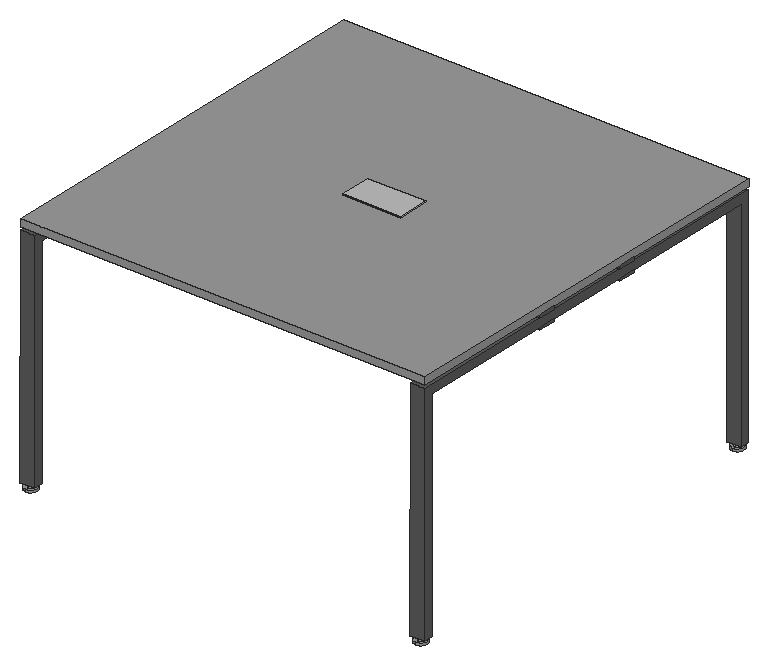
Revit family "Haworth_Tibas_Desk_MeetingTable_AP_PRELIMINARY1", category Furniture, Revit 2019
Family settings
  OmniClass Number = 23.40.70.14.64.11
  OmniClass Title = Office Furniture
  Work Plane-Based = No
  Always vertical = Yes
  Cut with Voids When Loaded = No
  Shared = No
  Room Calculation Point = No
Parameters (values of type "1400w x 1400d - Flush")
  Warranty = "http://www.haworth.com/resources/product-info/warranties"
  Type Comments = ""
  URL = "https://www.haworth.com/ap/en.html"
  Trim Finish = Haworth _ Polymer _ Undecided
  Top Finish [instance] = Haworth _ Laminate _ Undecided _ Tables
  Size = "Verify Final Dim.w/ Haworth"  # constant formula
  Revision Number = "1"  # constant formula
  Product URL = "https://www.haworth.com/ap/en/products/office-desks/tibas.html"
  Non Flush Table = no
  Model = "SYTBMNXXXX"  # constant formula
  Manufacturer = "Haworth"  # constant formula
  Leg Width = if(Flush Table, 50 mm, 150 mm)  # 50 mm
  Leg Depth = if(Flush Table, 1400 mm, 1200 mm)  # 1400 mm
  Beam Width = if(Flush Table, 1400 mm, 1200 mm)  # 1400 mm
  Leg Height = Actual Height - 35 mm  # 800.025 mm
  Flush Table = not(Non Flush Table)  # yes
  Flip Top Width = 200 mm
  Flip Top Cable Outlet = yes
  Description = "Haworth - Tibas - Desk - Meeting Table"  # constant formula
  Cable Tray Width = Actual Width - 400 mm  # 1000 mm
  Cable Tray Finish = Haworth _ Paint _ Metallic Silver
  Cable Tray = yes
  Base Finish [instance] = Haworth _ Paint _ Black
  Author = "Haworth (Abd Rahman)"  # constant formula
  Assembly Code = "E2020200"
  Actual Width = 1400 mm  # constant formula
  Actual Height = 835.025 mm
  Actual Depth = 1400 mm  # constant formula
Types (2, lengths in mm): name | Non Flush Table | Leg Width | Leg Depth | Beam Width | Flush Table | Flip Top Cable Outlet | Cable Tray
  1400w x 1400d - Non Flush | yes | 150 | 1200 | 1200 | no | no | no
  1400w x 1400d - Flush | no | 50 | 1400 | 1400 | yes | yes | yes
Reference planes
  plane 1 "Center F/B": y = 174.526
  plane 2: z = 0
  plane 3 "Center L/R": x = 114.3
  plane 4 "Top": z = 835.025
  plane 5 "Left": x = -585.7
  plane 6 "Right": x = 814.3
  plane 7 "Back": y = 874.526
  plane 8 "Front": y = -525.474
  plane 9: y = 344.526
  plane 10: y = 4.526
  plane 11: z = 810.025
  plane 12: z = 800.025
  plane 13: x = -535.7
  plane 14: x = 764.3
Dimensions and locks
  "Actual Height": plane 4 "Top" to level
  equal spacing: plane 7 "Back", plane 1 "Center F/B", plane 8 "Front"
  "Actual Depth": plane 7 "Back" to plane 8 "Front"
  equal spacing: plane 5 "Left", plane 3 "Center L/R", plane 6 "Right"
  "Actual Width": plane 5 "Left" to plane 6 "Right"
  plane 4 "Top" to plane 11 to plane 12 = 25 mm locked, 10 mm locked
  plane 8 "Front" to plane 10 to plane 1 "Center F/B" = 530 mm, 170 mm
  plane 7 "Back" to plane 9 to plane 1 "Center F/B" = 530 mm, 170 mm
  "Leg Width": plane 5 "Left" to plane 13
  "Leg Width": plane 14 to plane 6 "Right"
  aligned and locked: plane 3 "Center L/R" to nested 1
  aligned and locked: plane 1 "Center F/B" to nested 1
  aligned and locked: nested 1 to plane 4 "Top"
  aligned and locked: plane 1 "Center F/B" to nested 3
  aligned and locked: plane 1 "Center F/B" to nested 4
  aligned and locked: nested 2 to plane 3 "Center L/R"
  aligned and locked: nested 2 to plane 11
  aligned and locked: plane 3 "Center L/R" to nested 5
  aligned and locked: nested 5 to plane 4 "Top"
  aligned and locked: plane 1 "Center F/B" to nested 5
  aligned and locked: plane 10 to nested 2
  aligned and locked: plane 3 "Center L/R" to nested 6
  aligned and locked: nested 6 to plane 9
  aligned and locked: plane 13 to nested 3
  aligned and locked: plane 14 to nested 4
  aligned and locked: plane 3 "Center L/R" to nested 7
  aligned and locked: plane 1 "Center F/B" to nested 7
  aligned and locked: nested 7 to plane 11
  aligned and locked: plane 11 to nested 6
Nested families
  nested 1: "Haworth_Tibas_Top_Rectangular-PART" at (271.159, 466.626, -20), Top Finish <- "Top Finish", type "Rectangular Top"
    with Top Finish Haworth _ Laminate _ Undecided _ Tables, Void Depth 1550 mm, U-Shape Cable Outlet no, Round Cable Outlet no, Flip Top Cable Outlet no, Epure Cable Outlet no, Actual Width 1400 mm, Actual Depth 1400 mm
  nested 2: "Haworth_Tibas_Understructure_DeskBeamAP-Leg_PART" at (946.159, 296.626, 113.025), Leg Finish <- "Base Finish", type "Beam - Understructure - PART"
    with Leg Finish Haworth _ Paint _ Black, Actual Width 1400 mm
  nested 3: "Haworth_Tibas_Base_U-Leg_PART" at (-403.841, 466.626, 0), Leg Finish <- "Base Finish", type "U-Leg Frame - PART L"
    with Leg Finish Haworth _ Paint _ Black, Actual Height 800.025 mm, Actual Depth 1400 mm
  nested 4: "Haworth_Tibas_Base_U-Leg_PART" at (946.159, 466.626, 0), Leg Finish <- "Base Finish", type "U-Leg Frame - PART R"
    with Leg Finish Haworth _ Paint _ Black, Actual Height 800.025 mm, Actual Depth 1400 mm
  nested 5: "Haworth-Flip Top" at (99.813, 173.193, 35.025), visible <- "Flip Top Cable Outlet", type "Flip Top - Visio"
  nested 6: "Haworth_Tibas_Understructure_DeskBeamAP-Leg_PART" at (946.159, 52.426, 113.025), Leg Finish <- "Base Finish", type "Beam - Understructure - PART"
    with Leg Finish Haworth _ Paint _ Black, Actual Width 1400 mm
  nested 7: "Haworth_APWorkstop_CableTray_PRELIMINARY" at (99.813, 173.193, 80.025), Cable Tray Finish <- "Cable Tray Finish", visible <- "Cable Tray", type "SYWTCTY"
    with Cable Tray Finish Haworth _ Paint _ Metallic Silver, Actual Width 1000 mm
Definition of nested family "Haworth_Tibas_Top_Rectangular-PART"
  Parameters (values of type "Rectangular Top")
    Warranty = "http://www.haworth.com/resources/product-info/warranties"
    Void Depth = if(Epure Cable Outlet, 0 mm, Actual Depth + 150 mm)  # 0 mm
    URL - Product = ""
    URL = "https://www.haworth.com/eu/en.html"
    U-Shape Cable Outlet = yes
    Trim Finish = none
    Top Finish [instance] = none
    Thickness = 25 mm  # constant formula
    Size = "Verify Final Dim. w/ Haworth"  # constant formula
    Round Cable Outlet = yes
    Revision Number = "1"  # constant formula
    Model = "Haworth - Tibas"  # constant formula
    Manufacturer = "Haworth"  # constant formula
    Flip Top Cable Outlet = yes
    Epure Cable Outlet = yes
    Description = "Haworth - Tibas"  # constant formula
    Author = "Haworth (Abd Rahman)"  # constant formula
    Assembly Code = "E2020200"
    Actual Width = 2000 mm
    Actual Mounting Height = 835.025 mm
    Actual Depth = 800 mm
  Reference planes
    plane 1: z = -5
    plane 2 "Center L/R": x = -156.859
    plane 3 "Center F/B": y = -292.1
    plane 4 "Top of top": z = 855.025
    plane 5 "Back": y = 107.9
    plane 6 "Front": y = -692.1
    plane 7 "Left": x = -1156.859
    plane 8 "Right": x = 843.141
    plane 9 "Bottom of top": z = 830.025
    plane 10: y = 27.9
    plane 11: x = -1006.859
    plane 12: x = 693.141
    plane 13: y = 107.9
    plane 14: y = 107.9
    plane 15: y = 107.9
    plane 16: y = 107.9
  Forms (mm)
    Extrusion 1, solid, material <- "Top Finish"
      sketch origin (0, 0, 0) x (1, 0, 0) y (0, 1, 0)
        loop
          line (-1156.859, 107.9) -> (-1156.859, -692.1) -> (843.141, -692.1) -> (843.141, 107.9) -> (-1156.859, 107.9)
      from 830.025 to 855.025
    Extrusion 2, void
      sketch origin (0, 0, 0) x (1, 0, 0) y (0, 1, 0)
        loop
          circle (-1006.859, 107.9) r 40
        loop
          circle (693.141, 107.9) r 40
      from -479.092 to 1358.317
  Cuts and joins
    Extrusion 2 cuts Extrusion 1
  Lines and regions (mm)
    Masking region 1
      outline origin (0, 0, 0) x (1, 0, 0) y (0, 1, 0)
        loop
          line (-1156.859, 107.9) -> (-1156.859, -692.1) -> (843.141, -692.1) -> (843.141, 107.9) -> (-1156.859, 107.9)
  Dimensions and locks
    equal spacing: plane 5 "Back", plane 3 "Center F/B", plane 6 "Front"
    "Actual Depth": plane 5 "Back" to plane 6 "Front"
    equal spacing: plane 7 "Left", plane 2 "Center L/R", plane 8 "Right"
    "Actual Width": plane 7 "Left" to plane 8 "Right"
    "Thickness": plane 4 "Top of top" to plane 9 "Bottom of top"
    "Actual Mounting Height": plane 9 "Bottom of top" to plane 1
    locked: plane 5 "Back" to plane 10 at 80
    plane 7 "Left" to plane 11 = 150 mm
    locked: plane 8 "Right" to plane 12 at 150
    "Void Depth": plane 13 to plane 14
    "Void Depth": plane 15 to plane 16
    aligned and locked: plane 8 "Right" to Extrusion 1 sketch curve
    aligned and locked: plane 7 "Left" to Extrusion 1 sketch curve
    aligned and locked: plane 6 "Front" to Extrusion 1 sketch curve
    aligned and locked: Extrusion 1 sketch curve to plane 5 "Back"
    aligned and locked: plane 4 "Top of top" to Extrusion 1
    aligned and locked: Extrusion 1 to plane 9 "Bottom of top"
    aligned and locked: plane 8 "Right" to Masking region 1 sketch curve
    aligned and locked: Masking region 1 sketch curve to plane 5 "Back"
    aligned and locked: plane 7 "Left" to Masking region 1 sketch curve
    aligned and locked: plane 6 "Front" to Masking region 1 sketch curve
    aligned and locked: nested 1 to plane 4 "Top of top"
    aligned and locked: plane 12 to nested 1
    aligned and locked: plane 10 to nested 1
    aligned and locked: nested 2 to plane 11
    aligned and locked: nested 2 to plane 10
    aligned and locked: nested 3 to plane 11
    aligned and locked: nested 3 to plane 5 "Back"
    aligned and locked: nested 3 to plane 4 "Top of top"
    aligned and locked: plane 12 to nested 4
    aligned and locked: plane 5 "Back" to nested 4
    aligned and locked: plane 4 "Top of top" to nested 4
    aligned and locked: plane 2 "Center L/R" to nested 5
    aligned and locked: plane 10 to nested 5
    aligned and locked: nested 5 to plane 4 "Top of top"
    aligned and locked: plane 11 to Extrusion 2 sketch curve
    aligned and locked: plane 4 "Top of top" to nested 2
    aligned and locked: plane 13 to plane 5 "Back"
    aligned and locked: plane 12 to Extrusion 2 sketch curve
    aligned and locked: plane 15 to plane 5 "Back"
    aligned and locked: plane 16 to Extrusion 2 sketch curve
    aligned and locked: plane 14 to Extrusion 2 sketch curve
  Automatic sketch dimensions
    radius of Extrusion 2 sketch curve = 40 mm  (x2)
  Nested families
    nested 1: "Haworth_Grommet-PART" at (536.282, 320, 332.793) x (-1, 0, 0) z (0, 0, 1), visible <- "Round Cable Outlet", type "Cable Outlet"
      with Vertical no, Horizontal yes
    nested 2: "Haworth_Grommet-PART" at (-850, 320, 332.793), visible <- "Round Cable Outlet", type "Cable Outlet"
      with Vertical no, Horizontal yes
    nested 3: "Haworth_CableOutlet_U-Shape_PART" at (-850, 372.731, 297.793), visible <- "U-Shape Cable Outlet", type "Cable Outlet"
    nested 4: "Haworth_CableOutlet_U-Shape_PART" at (536.282, 372.731, 297.793) x (-1, 0, 0) z (0, 0, 1), visible <- "U-Shape Cable Outlet", type "Cable Outlet"
    nested 5: "Haworth-Flip Top" at (-171.347, -28.433, 55.025), visible <- "Flip Top Cable Outlet", type "Flip Top - Visio"
      with Actual Width 200 mm, Actual Depth 110 mm
  Definition of nested family "Haworth_Grommet-PART"
    Parameters (values of type "Cable Outlet")
      Warranty = "http://www.haworth.com/resources/product-info/warranties"
      Vertical = yes
      URL = "www.haworth.com"
      Trim Finish = none
      Size = "Verify Final Dim. w/ Haworth"  # constant formula
      Revision Number = "1"  # constant formula
      Model = "X742"  # constant formula
      Manufacturer = "Haworth"  # constant formula
      Horizontal = no
      Description = "Haworth - Cable Outlet - 25mm"  # constant formula
      Author = "Haworth (Abd Rahman)"  # constant formula
      Assembly Code = "E2020200"
      Actual Width = 90 mm  # constant formula
      Actual Height = 2 mm  # constant formula
      Actual Depth = 90 mm  # constant formula
    Reference planes
      plane 1: z = 522.232
      plane 2 "Center L/R": x = -156.859
      plane 3 "Center F/B": y = -292.1
      plane 4 "Top": z = 524.232
      plane 5 "Back": y = -247.1
      plane 6 "Front": y = -337.1
      plane 7 "Right": x = -111.859
      plane 8 "Left": x = -201.859
      plane 9: x = -155.05
    Forms (mm)
      Revolve 1, solid, material <- "Trim Finish", visible <- "Vertical"
        sketch origin (-679.273, -292.1, 366.305) x (0, 0, 1) y (1, 0, 0)
          loop
            line (156.859, 524.223) -> (115.684, 524.223)
            arc (115.684, 524.223) -> (113.98, 523.576) -> (112.576, 522.414) r 5.57
            line (112.576, 522.414) -> (156.859, 522.414) -> (156.859, 524.223)
          axis (156.859, 524.223) -> (156.859, 522.414)
        angle from 0 to 360
      Extrusion 2, void
        sketch origin (-679.273, 0.749, 366.305) x (0, 0, -1) y (0, 1, 0)
          loop
            line (-175.569, -260.506) -> (-173.333, -281.782)
            arc (-173.333, -281.782) -> (-171.796, -283.23) -> (-169.822, -282.479) r 1.989
            arc (-169.822, -282.479) -> (-169.186, -281.652) -> (-168.471, -280.891) r 10.616
            arc (-168.471, -280.891) -> (-163.186, -277.135) -> (-156.859, -275.721) r 16.402
            arc (-156.859, -275.721) -> (-151.781, -276.415) -> (-147.164, -278.643) r 16.402
            arc (-147.164, -278.643) -> (-145.025, -278.909) -> (-143.853, -277.099) r 2.03
            line (-143.853, -277.099) -> (-141.679, -258.137)
            arc (-141.679, -258.137) -> (-158.906, -255.293) -> (-175.569, -260.506) r 37.744
        from 0 to 711.2
      Revolve 3, solid, material <- "Trim Finish", visible <- "Horizontal"
        sketch origin (-0.331, -293.081, 0.151) x (-1, 0, 0) y (0, 0, 1)
          loop
            line (156.859, 524.08) -> (115.287, 524.08)
            arc (115.287, 524.08) -> (113.569, 523.343) -> (112.19, 522.08) r 5.592
            line (112.19, 522.08) -> (156.859, 522.08) -> (156.859, 524.08)
          axis (156.859, 524.08) -> (156.859, 522.08)
        angle from 0 to 360
      Extrusion 4, void
        sketch origin (-0.331, -0.232, 0.151) x (1, 0, 0) y (0, 1, 0)
          loop
            line (-175.569, -260.506) -> (-173.333, -281.782)
            arc (-173.333, -281.782) -> (-171.796, -283.23) -> (-169.822, -282.479) r 1.989
            arc (-169.822, -282.479) -> (-169.186, -281.652) -> (-168.471, -280.891) r 10.616
            arc (-168.471, -280.891) -> (-163.186, -277.135) -> (-156.859, -275.721) r 16.402
            arc (-156.859, -275.721) -> (-151.781, -276.415) -> (-147.164, -278.643) r 16.402
            arc (-147.164, -278.643) -> (-145.025, -278.909) -> (-143.853, -277.099) r 2.03
            line (-143.853, -277.099) -> (-141.679, -258.137)
            arc (-141.679, -258.137) -> (-158.906, -255.293) -> (-175.569, -260.506) r 37.744
        from 0 to 711.2
    Cuts and joins
      Extrusion 2 cuts Revolve 1
      Extrusion 4 cuts Revolve 3
    Lines and regions (mm)
      Masking region 1
        outline origin (0, 0, 0) x (1, 0, 0) y (0, 1, 0)
          loop
            circle (-156.859, -292.849) r 44.363
          loop
            circle (-156.859, -292.849) r 40.899
          loop
            line (-143.853, -277.099) -> (-141.679, -258.137)
            arc (-141.679, -258.137) -> (-158.906, -255.293) -> (-175.569, -260.506) r 37.744
            line (-175.569, -260.506) -> (-173.333, -281.782)
            arc (-173.333, -281.782) -> (-171.796, -283.23) -> (-169.822, -282.479) r 1.989
            arc (-169.822, -282.479) -> (-169.186, -281.652) -> (-168.471, -280.891) r 10.616
            arc (-168.471, -280.891) -> (-163.186, -277.135) -> (-156.859, -275.721) r 16.402
            arc (-156.859, -275.721) -> (-151.781, -276.415) -> (-147.164, -278.643) r 16.402
            arc (-147.164, -278.643) -> (-145.025, -278.909) -> (-143.853, -277.099) r 2.03
    Dimensions and locks
      equal spacing: plane 8 "Left", plane 2 "Center L/R", plane 7 "Right"
      "Actual Width": plane 8 "Left" to plane 7 "Right"
      equal spacing: plane 5 "Back", plane 3 "Center F/B", plane 6 "Front"
      "Actual Depth": plane 5 "Back" to plane 6 "Front"
      "Actual Height": plane 4 "Top" to plane 1
      aligned and locked: plane 3 "Center F/B" to cut or joined group of Revolve 1, Extrusion 2  (x2)
      aligned and locked: cut or joined group of Revolve 3, Extrusion 4 to plane 4 "Top"
      aligned and locked: cut or joined group of Revolve 3, Extrusion 4 to plane 1
      aligned and locked: cut or joined group of Revolve 1, Extrusion 2 to plane 2 "Center L/R"
      aligned and locked: plane 9 to cut or joined group of Revolve 1, Extrusion 2
    Automatic sketch dimensions
      Revolve 1 sketch curve to plane 1 = 43.35 mm
      Revolve 1 sketch curve to Revolve 1 sketch curve = 3.107 mm
      Revolve 1 sketch curve to Revolve 1 sketch curve = 1.099 mm
      Revolve 1 sketch curve to Revolve 1 sketch curve = 40.077 mm
      Revolve 1 sketch curve to plane 7 "Right" = 48.651 mm
      Revolve 1 sketch curve to Revolve 1 sketch curve = 3.651 mm
      Revolve 1 sketch curve to Revolve 1 sketch curve = 0 mm  (x2)
      Revolve 1 sketch curve to Revolve 1 sketch curve = 0.195 mm
      Extrusion 2 sketch curve to Extrusion 2 sketch curve = 0 mm  (x2)
      plane 1 to Extrusion 2 sketch curve = 19.643 mm
      Extrusion 2 sketch curve to Extrusion 2 sketch curve = 4.161 mm
      Extrusion 2 sketch curve to Extrusion 2 sketch curve = 10.307 mm
      Extrusion 2 sketch curve to Extrusion 2 sketch curve = 4.587 mm
      Extrusion 2 sketch curve to Extrusion 2 sketch curve = 0.242 mm
      Extrusion 2 sketch curve to Extrusion 2 sketch curve = 10.632 mm
      Extrusion 2 sketch curve to Extrusion 2 sketch curve = 2.03 mm
      Extrusion 2 sketch curve to Extrusion 2 sketch curve = 2.174 mm
      Extrusion 2 sketch curve to plane 5 "Back" = 45.096 mm
      Extrusion 2 sketch curve to Extrusion 2 sketch curve = 0.825 mm
      Extrusion 2 sketch curve to Extrusion 2 sketch curve = 3.588 mm
      Extrusion 2 sketch curve to Extrusion 2 sketch curve = 7.253 mm
      Extrusion 2 sketch curve to Extrusion 2 sketch curve = 15.02 mm
      Extrusion 2 sketch curve to Extrusion 2 sketch curve = 0.031 mm
      Extrusion 2 sketch curve to Extrusion 2 sketch curve = 20.772 mm
      Extrusion 2 sketch curve to Extrusion 2 sketch curve = 1.925 mm
      Extrusion 2 sketch curve to Extrusion 2 sketch curve = 1.586 mm
      Extrusion 2 sketch curve to Extrusion 2 sketch curve = 1.352 mm
      Extrusion 2 sketch curve to Extrusion 2 sketch curve = 10.976 mm
      Extrusion 2 sketch curve to Extrusion 2 sketch curve = 1.281 mm
      Masking region 1 sketch curve to Masking region 1 sketch curve = 0 mm  (x4)
      Masking region 1 sketch curve to plane 2 "Center L/R" = 0 mm  (x2)
      Masking region 1 sketch curve to plane 2 "Center L/R" = 4.242 mm
      Masking region 1 sketch curve to Masking region 1 sketch curve = 10.307 mm
      Masking region 1 sketch curve to plane 3 "Center F/B" = 10.318 mm
      Masking region 1 sketch curve to Masking region 1 sketch curve = 1.925 mm
      Masking region 1 sketch curve to plane 2 "Center L/R" = 18.71 mm
      plane 3 "Center F/B" to Masking region 1 sketch curve = 0.02 mm
      plane 2 "Center L/R" to Masking region 1 sketch curve = 0.345 mm
      plane 2 "Center L/R" to Masking region 1 sketch curve = 0.586 mm
      plane 2 "Center L/R" to Masking region 1 sketch curve = 10.976 mm
      Masking region 1 sketch curve to Masking region 1 sketch curve = 2.03 mm
      plane 2 "Center L/R" to Masking region 1 sketch curve = 15.18 mm
      plane 3 "Center F/B" to Masking region 1 sketch curve = 0.749 mm
      Masking region 1 sketch curve to Masking region 1 sketch curve = 0.096 mm
      Masking region 1 sketch curve to plane 3 "Center F/B" = 3.569 mm
      Masking region 1 sketch curve to Masking region 1 sketch curve = 0.504 mm
      Masking region 1 sketch curve to plane 3 "Center F/B" = 15.001 mm
      Masking region 1 sketch curve to Masking region 1 sketch curve = 0.031 mm
      Masking region 1 sketch curve to plane 5 "Back" = 13.406 mm
      Masking region 1 sketch curve to Masking region 1 sketch curve = 2.938 mm
      Masking region 1 sketch curve to Masking region 1 sketch curve = 1.586 mm
      Revolve 3 sketch curve to plane 7 "Right" = 0.663 mm
      Revolve 3 sketch curve to Revolve 3 sketch curve = 3.096 mm
      Revolve 3 sketch curve to Revolve 3 sketch curve = 1.316 mm
      Revolve 3 sketch curve to Revolve 3 sketch curve = 40.256 mm
      Revolve 3 sketch curve to plane 4 "Top" = 5.434 mm
      Revolve 3 sketch curve to Revolve 3 sketch curve = 3.434 mm
      Revolve 3 sketch curve to Revolve 3 sketch curve = 0 mm
      Revolve 3 sketch curve to Revolve 3 sketch curve = 0.151 mm  (x2)
      Extrusion 4 sketch curve to Extrusion 4 sketch curve = 0 mm  (x2)
      Extrusion 4 sketch curve to plane 7 "Right" = 64.042 mm
      Extrusion 4 sketch curve to Extrusion 4 sketch curve = 4.161 mm
      Extrusion 4 sketch curve to Extrusion 4 sketch curve = 10.307 mm
      Extrusion 4 sketch curve to Extrusion 4 sketch curve = 4.587 mm
      Extrusion 4 sketch curve to Extrusion 4 sketch curve = 0.242 mm
      Extrusion 4 sketch curve to Extrusion 4 sketch curve = 10.632 mm
      Extrusion 4 sketch curve to Extrusion 4 sketch curve = 2.03 mm
      Extrusion 4 sketch curve to Extrusion 4 sketch curve = 2.174 mm
      Extrusion 4 sketch curve to plane 5 "Back" = 46.077 mm
      Extrusion 4 sketch curve to Extrusion 4 sketch curve = 0.825 mm
      Extrusion 4 sketch curve to Extrusion 4 sketch curve = 3.588 mm
      Extrusion 4 sketch curve to Extrusion 4 sketch curve = 7.253 mm
      Extrusion 4 sketch curve to Extrusion 4 sketch curve = 15.02 mm
      Extrusion 4 sketch curve to Extrusion 4 sketch curve = 0.031 mm
      Extrusion 4 sketch curve to Extrusion 4 sketch curve = 20.772 mm
      Extrusion 4 sketch curve to Extrusion 4 sketch curve = 1.925 mm
      Extrusion 4 sketch curve to Extrusion 4 sketch curve = 1.586 mm
      Extrusion 4 sketch curve to Extrusion 4 sketch curve = 1.352 mm
      Extrusion 4 sketch curve to Extrusion 4 sketch curve = 10.976 mm
      Extrusion 4 sketch curve to Extrusion 4 sketch curve = 1.281 mm
      radius of Masking region 1 sketch curve = 44.363 mm
      radius of Masking region 1 sketch curve = 40.899 mm
  Definition of nested family "Haworth_CableOutlet_U-Shape_PART"
    Parameters (values of type "Cable Outlet")
      Warranty = "http://www.haworth.com/resources/product-info/warranties"
      URL = "www.haworth.com"
      Trim Finish = none
      Sustainability Info = "https://www.haworth.com/company-info/sustainability"
      Size = "Verify Final Dim. w/ Haworth"  # constant formula
      Revision Number = "1"  # constant formula
      Model = "X742"  # constant formula
      Manufacturer = "Haworth"  # constant formula
      Description = "Haworth - Cable Outlet - U - Shape"  # constant formula
      Author = "Haworth (Abd Rahman)"  # constant formula
      Assembly Code = "E2020200"
      Actual Width = 70 mm  # constant formula
      Actual Height = 40 mm  # constant formula
      Actual Depth = 70 mm  # constant formula
    Reference planes
      plane 1: z = 522.232
      plane 2 "Center L/R": x = -156.859
      plane 3 "Center F/B": y = -292.1
      plane 4 "Top": z = 562.232
      plane 5 "Back": y = -257.1
      plane 6 "Front": y = -327.1
      plane 7 "Right": x = -121.859
      plane 8 "Left": x = -191.859
    Forms (mm)
      Extrusion 1, solid, material <- "Trim Finish"
        sketch origin (-121.859, 0, 0) x (0, 1, 0) y (0, 0, 1)
          loop
            line (-327.1, 562.232) -> (-327.1, 557.232) -> (-264.831, 557.232) -> (-264.831, 527.232) -> (-327.1, 527.232) -> (-327.1, 522.232) -> (-257.1, 522.232) -> (-257.1, 530.231) -> (-257.1, 555.734) -> (-257.1, 562.232) -> (-327.1, 562.232)
        from -70 to 0
    Lines and regions (mm)
      Masking region 1
        outline origin (0, 0, 0) x (1, 0, 0) y (0, 1, 0)
          loop
            line (-191.859, -257.1) -> (-191.859, -327.1) -> (-121.859, -327.1) -> (-121.859, -257.1) -> (-191.859, -257.1)
    Dimensions and locks
      equal spacing: plane 8 "Left", plane 2 "Center L/R", plane 7 "Right"
      "Actual Width": plane 8 "Left" to plane 7 "Right"
      equal spacing: plane 5 "Back", plane 3 "Center F/B", plane 6 "Front"
      "Actual Depth": plane 5 "Back" to plane 6 "Front"
      "Actual Height": plane 4 "Top" to plane 1
      aligned and locked: Extrusion 1 to plane 8 "Left"
      aligned and locked: plane 7 "Right" to Extrusion 1
      aligned and locked: Masking region 1 sketch curve to plane 7 "Right"
      aligned and locked: Masking region 1 sketch curve to plane 5 "Back"
      aligned and locked: plane 8 "Left" to Masking region 1 sketch curve
      aligned and locked: plane 6 "Front" to Masking region 1 sketch curve
    Automatic sketch dimensions
      Extrusion 1 sketch curve to plane 4 "Top" = 0 mm
      Extrusion 1 sketch curve to plane 6 "Front" = 0 mm  (x2)
      Extrusion 1 sketch curve to plane 5 "Back" = 0 mm
      Extrusion 1 sketch curve to plane 1 = 0 mm
      Extrusion 1 sketch curve to Extrusion 1 sketch curve = 2.999 mm
      Extrusion 1 sketch curve to Extrusion 1 sketch curve = 7.731 mm
      Extrusion 1 sketch curve to plane 4 "Top" = 6.498 mm
      Extrusion 1 sketch curve to plane 4 "Top" = 5 mm
      plane 1 to Extrusion 1 sketch curve = 7.999 mm
  Definition of nested family "Haworth-Flip Top"
    Parameters (values of type "Flip Top - Visio")
      Warranty = ""
      URL - Product = ""
      URL = ""
      Sustainability Info = ""
      Size = "Verify Final Dim. w/ Haworth"  # constant formula
      Single Sided = no
      Single Sided Wide = yes
      Revision Number = ""
      OmniClass Number = ""
      Material Options = ""
      Manufacturer = "Haworth"  # constant formula
      LEED Data = ""
      Flip Top Height = 25 mm
      Flip Top Finish = none
      Double Sided = no
      Double Sided Wide = no
      Author = "SHAPE Environments, LLC"  # constant formula
      Assembly Code = ""
      Actual Width = 120 mm
      Actual Height = 800 mm
      Actual Depth = 80 mm
    Types (2, lengths in mm): name | Flip Top Height | Actual Width | Actual Height | Actual Depth
      Flip Top - Visio | 25 | 120 | 800 | 80
      Flip Top Cable Tray | 69.85 | 285.75 | 736.6 | 111.125
    Reference planes
      plane 1 "Center F/B": y = 1.333
      plane 2: z = 0
      plane 3 "Center L/R": x = 14.487
      plane 4 "Back": y = 41.333
      plane 5 "Right": x = 74.487
      plane 6 "Front": y = -38.667
      plane 7 "Left": x = -45.513
      plane 8 "Table Height": z = 800
      plane 9: z = 775
    Forms (mm)
      Extrusion 1, solid, material <- "Flip Top Finish"
        sketch origin (0, 0, 800) x (-1, 0, 0) y (0, -1, 0)
          loop
            line (45.513, -41.333) -> (45.513, 38.667) -> (-74.487, 38.667) -> (-74.487, -41.333) -> (45.513, -41.333)
        from 0 to 3.175
      Extrusion 2, solid, material <- "Flip Top Finish"
        sketch origin (0, 0, 800) x (-1, 0, 0) y (0, -1, 0)
          loop
            line (42.338, -36.571) -> (42.338, 33.904) -> (-71.312, 33.904) -> (-71.312, -36.571) -> (42.338, -36.571)
        from 0 to -25
    Cuts and joins
      joined: Extrusion 1, Extrusion 2
    Lines and regions (mm)
      symbolic lines
        curve 1: line (-45.513, 41.333, 800) -> (74.487, 41.333, 800)
        curve 2: line (-45.513, -38.667, 800) -> (-45.513, 41.333, 800)
        curve 3: line (74.487, -38.667, 800) -> (-45.513, -38.667, 800)
        curve 4: line (74.487, 41.333, 800) -> (74.487, -38.667, 800)
    Dimensions and locks
      equal spacing: plane 7 "Left", plane 3 "Center L/R", plane 5 "Right"
      "Actual Width": plane 7 "Left" to plane 5 "Right"
      equal spacing: plane 6 "Front", plane 1 "Center F/B", plane 4 "Back"
      "Actual Depth": plane 4 "Back" to plane 6 "Front"
      plane 7 "Left" to Extrusion 2 sketch curve = 3.175 mm
      plane 4 "Back" to Extrusion 2 sketch curve = 4.762 mm
      Extrusion 2 sketch curve to plane 5 "Right" = 3.175 mm
      Extrusion 2 sketch curve to plane 6 "Front" = 4.763 mm
      "Actual Height": plane 8 "Table Height" to level
      "Flip Top Height": plane 8 "Table Height" to plane 9
      aligned and locked: plane 7 "Left" to Extrusion 1 sketch curve
      aligned and locked: Extrusion 1 sketch curve to plane 4 "Back"
      aligned and locked: plane 6 "Front" to Extrusion 1 sketch curve
      aligned and locked: Extrusion 1 sketch curve to plane 5 "Right"
      aligned and locked: plane 9 to cut or joined group of Extrusion 1, Extrusion 2
    Automatic sketch dimensions
      curve 4 to plane 5 "Right" = 0 mm
      curve 2 to plane 4 "Back" = 0 mm
      curve 2 to plane 7 "Left" = 0 mm
      curve 4 to plane 6 "Front" = 0 mm
Definition of nested family "Haworth_Tibas_Understructure_DeskBeamAP-Leg_PART"
  Parameters (values of type "Beam - Understructure - PART")
    Warranty = "http://www.haworth.com/resources/product-info/warranties"
    URL - Product = "https://www.haworth.com/eu/products/tables/desks/tibas"
    URL = "https://www.haworth.com/ap/en.html"
    Size = "Verify Final Dim. w/ Haworth"  # constant formula
    Revision Number = "1"  # constant formula
    Model = "Haworth - Tibas"  # constant formula
    Manufacturer = "Haworth"  # constant formula
    Leg Finish [instance] = none
    Description = "Haworth - Tibas - PART"  # constant formula
    Connector Width [instance] = 54.9 mm
    Author = "Haworth (Abd Rahman)"  # constant formula
    Assembly Code = "E2020200"
    Actual Width = 850 mm
    Actual Height = 680 mm
    Actual Depth = 70 mm  # constant formula
  Reference planes
    plane 1: z = 0
    plane 2 "Center L/R": x = -156.859
    plane 3 "Center F/B": y = -292.1
    plane 4 "Top": z = 680
    plane 5: z = 650
    plane 6: x = -181.859
    plane 7: x = -131.859
    plane 8: y = -257.1
    plane 9: y = -327.1
    plane 10: z = 697
    plane 11: z = 687
    plane 12: z = 658.979
    plane 13: x = -177.854
    plane 14: x = -186.759
    plane 15: x = -981.859
    plane 16: x = -556.859
    plane 17 "Center F/E": x = -956.859
    plane 18: x = -931.859
    plane 19: x = -935.864
    plane 20: x = -926.959
    plane 21: y = -277.1
    plane 22: y = -317.1
    plane 23: x = -531.859
    plane 24: x = -581.859
    plane 25: y = -239.062
    plane 26: y = -626.062
  Forms (mm)
    Extrusion 1, solid, material <- "Leg Finish"
      sketch origin (0, -292.1, 0) x (1, 0, 0) y (0, 0, 1)
        loop
          line (-186.759, 650) -> (-131.859, 650) -> (-131.859, 656.842) -> (-177.854, 656.842) -> (-177.854, 687) -> (-131.859, 687) -> (-131.859, 697) -> (-186.759, 697) -> (-186.759, 650)
      from -27.1 to 32.9
    Extrusion 2, solid, material <- "Leg Finish"
      sketch origin (0, 0, 0) x (1, 0, 0) y (0, 1, 0)
        loop
          line (-177.854, -317.1) -> (-177.854, -277.1) -> (-935.864, -277.1) -> (-935.864, -317.1) -> (-177.854, -317.1)
      from 658.979 to 687
    Extrusion 3, solid, material <- "Leg Finish"
      sketch origin (-863.718, -292.1, 0) x (-1, 0, 0) y (0, 0, -1)
        loop
          line (63.241, -650) -> (63.241, -697) -> (118.141, -697) -> (118.141, -687) -> (72.146, -687) -> (72.146, -656.842) -> (118.141, -656.842) -> (118.141, -650) -> (63.241, -650)
      from -27.1 to 32.9
    Extrusion 4, solid, material <- "Leg Finish"
      sketch origin (687.577, 3018.624, -10.35) x (0, 1, 0) y (0, 0, 1)
        loop
          line (-3636.674, 692.589) -> (-3380.675, 678.993) -> (-3333.224, 663.6) -> (-3265.746, 663.6)
          arc (-3265.746, 663.6) -> (-3260.046, 665.961) -> (-3257.685, 671.66) r 8.06
          line (-3257.685, 671.66) -> (-3257.685, 703.6) -> (-3644.685, 703.6) -> (-3644.685, 700.6)
          arc (-3644.685, 700.6) -> (-3642.339, 694.935) -> (-3636.674, 692.589) r 8.011
      from -1269.436 to -1219.436
  Lines and regions (mm)
    Masking region 1
      outline origin (0, 0, 0) x (1, 0, 0) y (0, 1, 0)
        loop
          line (-926.959, -277.1) -> (-926.959, -262.5) -> (-981.859, -262.5) -> (-981.859, -325) -> (-926.959, -325) -> (-926.959, -317.1) -> (-186.759, -317.1) -> (-186.759, -325) -> (-131.859, -325) -> (-131.859, -265) -> (-186.759, -265) -> (-186.759, -277.1) -> (-926.959, -277.1)
  Dimensions and locks
    "Actual Height": plane 4 "Top" to plane 1
    equal spacing: plane 8, plane 3 "Center F/B", plane 9
    "Actual Depth": plane 8 to plane 9
    equal spacing: plane 6, plane 2 "Center L/R", plane 7
    "Actual Height": plane 4 "Top" to level
    locked: plane 5 to plane 4 "Top" at 30
    Extrusion 1 sketch curve to Extrusion 2 = 10 mm
    equal spacing: plane 15, plane 16, plane 7
    plane 15 to plane 7 = 850 mm
    plane 14 to plane 6 to plane 13 to plane 2 "Center L/R" to plane 7 = 4.9 mm locked, 4.005 mm locked, 20.995 mm locked, 25 mm locked
    plane 15 to plane 16 to plane 7 = 425 mm, 425 mm
    "Connector Width": plane 14 to plane 7
    "Actual Width": plane 15 to plane 7
    plane 18 to plane 17 "Center F/E" = 25 mm
    plane 20 to plane 18 to plane 19 to plane 17 "Center F/E" to plane 15 = 4.9 mm locked, 4.005 mm locked, 20.995 mm locked, 25 mm locked
    locked: plane 8 to plane 21 at 20
    locked: plane 22 to plane 9 at 10
    plane 24 to plane 16 to plane 23 = 25 mm locked, 25 mm locked
    plane 25 to plane 8 to plane 3 "Center F/B" to plane 9 to plane 26 = 18.038 mm locked, 35 mm locked, 35 mm locked, 298.962 mm locked
    aligned and locked: Extrusion 2 to plane 11
    aligned and locked: Extrusion 2 to plane 12
    aligned and locked: Extrusion 2 to plane 13
    aligned and locked: plane 11 to Extrusion 1
    aligned and locked: Extrusion 1 to plane 13
    aligned and locked: Extrusion 1 to plane 7  (x2)
    aligned and locked: plane 5 to Extrusion 1
    aligned and locked: Extrusion 1 to plane 10
    aligned and locked: plane 14 to Extrusion 1
    aligned and locked: plane 10 to Extrusion 3
    aligned and locked: plane 15 to Extrusion 3  (x2)
    aligned and locked: Extrusion 3 to plane 20
    aligned and locked: plane 5 to Extrusion 3
    aligned and locked: Extrusion 3 to plane 11
    aligned and locked: Extrusion 3 to plane 19
    aligned and locked: Extrusion 2 sketch curve to plane 21
    aligned and locked: plane 22 to Extrusion 2 sketch curve
    aligned and locked: plane 13 to Extrusion 2 sketch curve
    aligned and locked: plane 19 to Extrusion 2 sketch curve
    aligned and locked: plane 7 to Masking region 1 sketch curve
    aligned and locked: Masking region 1 sketch curve to plane 14
    aligned and locked: plane 25 to Extrusion 4
    aligned and locked: Extrusion 4 to plane 23
    aligned and locked: plane 24 to Extrusion 4
    aligned and locked: Extrusion 4 to plane 26
  Automatic sketch dimensions
    plane 14 to Extrusion 1 sketch curve = 0 mm
    plane 13 to Extrusion 1 sketch curve = 0 mm
    plane 7 to Extrusion 1 sketch curve = 0 mm  (x2)
    Extrusion 1 sketch curve to plane 5 = 0 mm
    Extrusion 1 sketch curve to plane 11 = 0 mm
    plane 12 to Extrusion 1 sketch curve = 2.138 mm
    Extrusion 3 sketch curve to plane 10 = 0 mm
    Extrusion 3 sketch curve to plane 20 = 0 mm
    plane 19 to Extrusion 3 sketch curve = 0 mm
    plane 15 to Extrusion 3 sketch curve = 0 mm  (x2)
    Extrusion 3 sketch curve to plane 5 = 0 mm
    Extrusion 3 sketch curve to plane 11 = 0 mm
    Extrusion 3 sketch curve to plane 12 = 2.138 mm
    Masking region 1 sketch curve to plane 15 = 0 mm
    Masking region 1 sketch curve to plane 20 = 0 mm  (x2)
    Masking region 1 sketch curve to plane 14 = 0 mm
    Masking region 1 sketch curve to plane 9 = 2.1 mm  (x2)
    Masking region 1 sketch curve to Masking region 1 sketch curve = 7.9 mm
    Masking region 1 sketch curve to plane 3 "Center F/B" = 15 mm
    Masking region 1 sketch curve to plane 8 = 7.9 mm
    Masking region 1 sketch curve to plane 8 = 5.4 mm
    Extrusion 4 sketch curve to plane 26 = 0 mm
    plane 10 to Extrusion 4 sketch curve = 3.75 mm
    Extrusion 4 sketch curve to plane 25 = 0 mm
    plane 10 to Extrusion 4 sketch curve = 6.75 mm
    Extrusion 4 sketch curve to Extrusion 4 sketch curve = 8.011 mm
    Extrusion 4 sketch curve to plane 4 "Top" = 11.357 mm
    plane 9 to Extrusion 4 sketch curve = 34.951 mm
    plane 12 to Extrusion 4 sketch curve = 5.729 mm
    Extrusion 4 sketch curve to plane 9 = 12.5 mm
    Extrusion 4 sketch curve to plane 25 = 8.06 mm
Definition of nested family "Haworth_Tibas_Base_U-Leg_PART"
  Parameters (values of type "U-Leg Frame - PART")
    Warranty = "http://www.haworth.com/resources/product-info/warranties"
    URL - Product = "https://www.haworth.com/eu/products/tables/desks/tibas"
    URL = "https://www.haworth.com/ap/en.html"
    Size = "Verify Final Dim. w/ Haworth"  # constant formula
    Revision Number = "1"  # constant formula
    Model = "Haworth - Tibas"  # constant formula
    Manufacturer = "Haworth"  # constant formula
    Leg Finish [instance] = none
    Glide Finish = none
    Description = "Haworth - Tibas - Complete Frame - PART"  # constant formula
    Author = "Haworth (Abd Rahman)"  # constant formula
    Assembly Code = "E2020200"
    Actual Width = 50 mm  # constant formula
    Actual Height = 450 mm
    Actual Depth = 400 mm
  Reference planes
    plane 1: z = 0
    plane 2 "Center L/R": x = -156.859
    plane 3 "Center F/B": y = -292.1
    plane 4 "Top": z = 450
    plane 5: z = 15.979
    plane 6: z = 420
    plane 7: x = -181.859
    plane 8: x = -131.859
    plane 9: y = -92.1
    plane 10: y = -492.1
    plane 11: y = -122.1
    plane 12: y = -462.1
    plane 13: y = -107.1
    plane 14: y = -84.939
    plane 15: y = -477.1
    plane 16: y = -499.261
  Forms (mm)
    Extrusion 1, solid, material <- "Leg Finish"
      sketch origin (0, -292.1, 0) x (1, 0, 0) y (0, 0, 1)
        loop
          line (-181.859, 450) -> (-181.859, 15.979) -> (-131.859, 15.979) -> (-131.859, 450) -> (-181.859, 450)
      from -200 to -170
    Extrusion 2, solid, material <- "Leg Finish"
      sketch origin (0, -292.1, 0) x (1, 0, 0) y (0, 0, -1)
        loop
          line (-181.859, -450) -> (-131.859, -450) -> (-131.859, -15.979) -> (-181.859, -15.979) -> (-181.859, -450)
      from -200 to -170
    Extrusion 3, solid, material <- "Leg Finish"
      sketch origin (-156.859, 0, 0) x (0, 1, 0) y (0, 0, 1)
        loop
          line (-462.1, 450) -> (-462.1, 420) -> (-122.1, 420) -> (-122.1, 450) -> (-462.1, 450)
      from -25 to 25
    Revolve 4, solid, material <- "Glide Finish"
      sketch origin (-156.859, 17.9, 0) x (0, 1, 0) y (0, 0, 1)
        loop
          line (-125, 15.979) -> (-125, 0) -> (-102.839, 0) -> (-102.839, 6) -> (-115.146, 6) -> (-120, 10.854) -> (-120, 15.979) -> (-125, 15.979)
        axis (-125, 15.979) -> (-125, 0)
      angle from 0 to 360
    Revolve 5, solid, material <- "Glide Finish"
      sketch origin (-156.859, -602.1, 0) x (0, -1, 0) y (0, 0, 1)
        loop
          line (-125, 15.979) -> (-125, 0) -> (-102.839, 0) -> (-102.839, 6) -> (-115.146, 6) -> (-120, 10.854) -> (-120, 15.979) -> (-125, 15.979)
        axis (-125, 15.979) -> (-125, 0)
      angle from 0 to 360
  Cuts and joins
    joined: Extrusion 1, Extrusion 2, Extrusion 3
  Lines and regions (mm)
    Masking region 1
      outline origin (0, 0, 0) x (1, 0, 0) y (0, 1, 0)
        loop
          line (-181.859, -92.1) -> (-181.859, -492.1) -> (-131.859, -492.1) -> (-131.859, -92.1) -> (-181.859, -92.1)
  Dimensions and locks
    "Actual Height": plane 4 "Top" to plane 1
    equal spacing: plane 9, plane 3 "Center F/B", plane 10
    "Actual Depth": plane 9 to plane 10
    equal spacing: plane 7, plane 2 "Center L/R", plane 8
    "Actual Width": plane 7 to plane 8
    locked: plane 9 to plane 11 at 30
    locked: plane 10 to plane 12 at 30
    "Actual Height": plane 4 "Top" to level
    locked: plane 6 to plane 4 "Top" at 30
    locked: plane 5 to level at 15.979
    plane 13 to plane 9 to plane 14 = 15 mm locked, 7.161 mm locked
    plane 16 to plane 10 to plane 15 = 7.161 mm locked, 15 mm locked
    aligned and locked: Extrusion 1 sketch curve to plane 7
    aligned and locked: plane 8 to Extrusion 1 sketch curve
    aligned and locked: plane 5 to Extrusion 1 sketch curve
    aligned and locked: Extrusion 1 sketch curve to plane 4 "Top"
    aligned and locked: plane 9 to Extrusion 1
    aligned and locked: Extrusion 1 to plane 11
    aligned and locked: plane 7 to Extrusion 2
    aligned and locked: Extrusion 2 to plane 8
    aligned and locked: Extrusion 2 to plane 12
    aligned and locked: plane 10 to Extrusion 2
    aligned and locked: plane 4 "Top" to Extrusion 2
    aligned and locked: Extrusion 2 to plane 5
    aligned and locked: Extrusion 3 sketch curve to plane 11
    aligned and locked: Extrusion 3 sketch curve to plane 4 "Top"
    aligned and locked: Extrusion 3 sketch curve to plane 12
    aligned and locked: Extrusion 3 sketch curve to plane 6
    aligned and locked: plane 7 to Extrusion 3
    aligned and locked: Extrusion 3 to plane 8
    aligned and locked: plane 8 to Masking region 1 sketch curve
    aligned and locked: Masking region 1 sketch curve to plane 9
    aligned and locked: Masking region 1 sketch curve to plane 7
    aligned and locked: Masking region 1 sketch curve to plane 10
    aligned and locked: Revolve 4 sketch curve to plane 13  (x2)
    aligned and locked: plane 14 to Revolve 4 sketch curve
    aligned and locked: plane 15 to Revolve 5 sketch curve  (x2)
    aligned and locked: Revolve 5 sketch curve to plane 16
    aligned and locked: Revolve 5 sketch curve to plane 5
    aligned and locked: Revolve 5 sketch curve to plane 1
    aligned and locked: plane 5 to Revolve 4 sketch curve
    aligned and locked: plane 1 to Revolve 4 sketch curve
  Automatic sketch dimensions
    Extrusion 2 sketch curve to plane 5 = 0 mm
    plane 7 to Extrusion 2 sketch curve = 0 mm
    plane 8 to Extrusion 2 sketch curve = 0 mm
    Extrusion 2 sketch curve to plane 4 "Top" = 0 mm
    level to Revolve 4 sketch curve = 0 mm
    plane 5 to Revolve 4 sketch curve = 0 mm
    plane 13 to Revolve 4 sketch curve = 5 mm
    Revolve 4 sketch curve to plane 9 = 5.146 mm
    Revolve 4 sketch curve to Revolve 4 sketch curve = 6 mm
    Revolve 4 sketch curve to plane 5 = 5.126 mm
    Revolve 5 sketch curve to level = 0 mm
    Revolve 5 sketch curve to plane 5 = 0 mm
    Revolve 5 sketch curve to plane 15 = 5 mm
    plane 10 to Revolve 5 sketch curve = 5.146 mm
    Revolve 5 sketch curve to Revolve 5 sketch curve = 6 mm
    plane 5 to Revolve 5 sketch curve = 5.126 mm
Definition of nested family "Haworth-Flip Top"
  Parameters (values of type "Flip Top - Visio")
    Warranty = ""
    URL - Product = ""
    URL = ""
    Sustainability Info = ""
    Size = "Verify Final Dim. w/ Haworth"  # constant formula
    Single Sided = no
    Single Sided Wide = yes
    Revision Number = ""
    OmniClass Number = ""
    Material Options = ""
    Manufacturer = "Haworth"  # constant formula
    LEED Data = ""
    Flip Top Height = 25 mm
    Flip Top Finish = none
    Double Sided = no
    Double Sided Wide = no
    Author = "SHAPE Environments, LLC"  # constant formula
    Assembly Code = ""
    Actual Width = 200 mm
    Actual Height = 800 mm
    Actual Depth = 110 mm
  Reference planes
    plane 1 "Center F/B": y = 1.333
    plane 2: z = 0
    plane 3 "Center L/R": x = 14.487
    plane 4 "Back": y = 56.333
    plane 5 "Right": x = 114.487
    plane 6 "Front": y = -53.667
    plane 7 "Left": x = -85.513
    plane 8 "Table Height": z = 800
    plane 9: z = 775
  Forms (mm)
    Extrusion 1, solid, material <- "Flip Top Finish"
      sketch origin (0, 0, 800) x (-1, 0, 0) y (0, -1, 0)
        loop
          line (85.513, -56.333) -> (85.513, 53.667) -> (-114.487, 53.667) -> (-114.487, -56.333) -> (85.513, -56.333)
      from 0 to 3.175
    Extrusion 2, solid, material <- "Flip Top Finish"
      sketch origin (0, 0, 800) x (-1, 0, 0) y (0, -1, 0)
        loop
          line (82.338, -51.571) -> (82.338, 48.904) -> (-111.312, 48.904) -> (-111.312, -51.571) -> (82.338, -51.571)
      from 0 to -25
  Cuts and joins
    joined: Extrusion 1, Extrusion 2
  Lines and regions (mm)
    symbolic lines
      curve 1: line (-85.513, 56.333, 800) -> (114.487, 56.333, 800)
      curve 2: line (-85.513, -53.667, 800) -> (-85.513, 56.333, 800)
      curve 3: line (114.487, -53.667, 800) -> (-85.513, -53.667, 800)
      curve 4: line (114.487, 56.333, 800) -> (114.487, -53.667, 800)
  Dimensions and locks
    equal spacing: plane 7 "Left", plane 3 "Center L/R", plane 5 "Right"
    "Actual Width": plane 7 "Left" to plane 5 "Right"
    equal spacing: plane 6 "Front", plane 1 "Center F/B", plane 4 "Back"
    "Actual Depth": plane 4 "Back" to plane 6 "Front"
    plane 7 "Left" to Extrusion 2 sketch curve = 3.175 mm
    plane 4 "Back" to Extrusion 2 sketch curve = 4.762 mm
    Extrusion 2 sketch curve to plane 5 "Right" = 3.175 mm
    Extrusion 2 sketch curve to plane 6 "Front" = 4.763 mm
    "Actual Height": plane 8 "Table Height" to level
    "Flip Top Height": plane 8 "Table Height" to plane 9
    aligned and locked: plane 7 "Left" to Extrusion 1 sketch curve
    aligned and locked: Extrusion 1 sketch curve to plane 4 "Back"
    aligned and locked: plane 6 "Front" to Extrusion 1 sketch curve
    aligned and locked: Extrusion 1 sketch curve to plane 5 "Right"
    aligned and locked: plane 9 to cut or joined group of Extrusion 1, Extrusion 2
  Automatic sketch dimensions
    curve 4 to plane 5 "Right" = 0 mm
    curve 2 to plane 4 "Back" = 0 mm
    curve 2 to plane 7 "Left" = 0 mm
    curve 4 to plane 6 "Front" = 0 mm
Definition of nested family "Haworth_APWorkstop_CableTray_PRELIMINARY"
  Parameters (values of type "SYWTCTY")
    Warranty = "https://www.haworth.com/resources/product-info/warranties"
    URL = "https://www.haworth.com/ap/home"
    Size = "Verify Final Dim. w/ Haworth"  # constant formula
    Revision Number = ""
    OmniClass Number = ""
    Model = "SYWTCTY"  # constant formula
    Material Options = ""
    Manufacturer = "Haworth"  # constant formula
    Description = "Haworth - AP WorkTop - Cable Tray"  # constant formula
    Cable Tray Finish [instance] = none
    Author = "Haworth (Abd Rahman)"  # constant formula
    Assembly Code = ""
    Actual Width = 600 mm
    Actual Height = 730 mm
    Actual Depth = 178 mm  # constant formula
  Reference planes
    plane 1 "Center F/B": y = 1.333
    plane 2: z = 0
    plane 3 "Center L/R": x = 14.487
    plane 4 "Back": y = 90.333
    plane 5 "Right": x = 314.487
    plane 6 "Front": y = -87.667
    plane 7 "Left": x = -285.513
    plane 8 "Top": z = 730
    plane 9: z = 604.25
    plane 10: x = 114.49
    plane 11: x = -85.507
  Forms (mm)
    Extrusion 1, solid
      sketch origin (314.487, 0, 0) x (0, 1, 0) y (0, 0, 1)
        loop
          line (-86.416, 685.75) -> (-87.91, 685.619) -> (-80.976, 606.351)
          arc (-80.976, 606.351) -> (-80.238, 604.855) -> (-78.683, 604.25) r 2.301
          line (-78.683, 604.25) -> (29.617, 604.25)
          arc (29.617, 604.25) -> (31.184, 604.899) -> (31.833, 606.467) r 2.217
          line (31.833, 606.467) -> (31.833, 727.749)
          arc (31.833, 727.749) -> (32.053, 728.28) -> (32.584, 728.5) r 0.751
          line (32.584, 728.5) -> (90.333, 728.5) -> (90.333, 730) -> (32.582, 730)
          arc (32.582, 730) -> (30.992, 729.341) -> (30.333, 727.751) r 2.249
          line (30.333, 727.751) -> (30.333, 606.454)
          arc (30.333, 606.454) -> (30.127, 605.956) -> (29.63, 605.75) r 0.704
          line (29.63, 605.75) -> (-78.77, 605.75)
          arc (-78.77, 605.75) -> (-79.247, 605.936) -> (-79.474, 606.395) r 0.706
          line (-79.474, 606.395) -> (-86.416, 685.75)
      from 0 to -600
    Extrusion 2, void
      sketch origin (0, 0, 0) x (1, 0, 0) y (0, 1, 0)
        loop
          line (-85.507, 90.333) -> (-85.507, 32.57) -> (114.49, 32.57) -> (114.49, 90.333) -> (-85.507, 90.333)
      from 533.047 to 866.514
  Cuts and joins
    Extrusion 2 cuts Extrusion 1
  Lines and regions (mm)
    Masking region 1
      outline origin (0, 0, 0) x (1, 0, 0) y (0, 1, 0)
        loop
          line (-285.513, 90.333) -> (-285.513, -87.667) -> (314.487, -87.667) -> (314.487, 90.333) -> (114.49, 90.333) -> (114.49, 32.582) -> (-85.507, 32.582) -> (-85.507, 90.333) -> (-285.513, 90.333)
  Dimensions and locks
    equal spacing: plane 7 "Left", plane 3 "Center L/R", plane 5 "Right"
    "Actual Width": plane 7 "Left" to plane 5 "Right"
    equal spacing: plane 6 "Front", plane 1 "Center F/B", plane 4 "Back"
    "Actual Depth": plane 4 "Back" to plane 6 "Front"
    "Actual Height": plane 8 "Top" to level
    locked: plane 8 "Top" to plane 9 at 125.75
    locked: plane 10 to plane 5 "Right" at 199.997
    locked: plane 7 "Left" to plane 11 at 200.006
    aligned and locked: Extrusion 1 to plane 7 "Left"
    aligned and locked: plane 5 "Right" to Extrusion 1
    aligned and locked: plane 10 to Extrusion 2 sketch curve
    aligned and locked: Extrusion 2 sketch curve to plane 11
    aligned and locked: Masking region 1 sketch curve to plane 6 "Front"
    aligned and locked: plane 5 "Right" to Masking region 1 sketch curve
    aligned and locked: plane 4 "Back" to Masking region 1 sketch curve
    aligned and locked: Masking region 1 sketch curve to plane 7 "Left"
    aligned and locked: Masking region 1 sketch curve to plane 4 "Back"
    aligned and locked: plane 10 to Masking region 1 sketch curve
    aligned and locked: Masking region 1 sketch curve to plane 11
  Automatic sketch dimensions
    plane 9 to Extrusion 1 sketch curve = 0 mm
    Extrusion 1 sketch curve to plane 8 "Top" = 0 mm
    Extrusion 1 sketch curve to plane 6 "Front" = 0.244 mm
    plane 6 "Front" to Extrusion 1 sketch curve = 1.251 mm
    Extrusion 1 sketch curve to plane 9 = 2.101 mm
    plane 6 "Front" to Extrusion 1 sketch curve = 6.691 mm
    Extrusion 1 sketch curve to plane 9 = 2.145 mm
    Extrusion 1 sketch curve to Extrusion 1 sketch curve = 1.502 mm
    Extrusion 1 sketch curve to Extrusion 1 sketch curve = 0.703 mm
    Extrusion 1 sketch curve to Extrusion 1 sketch curve = 0.087 mm
    Extrusion 1 sketch curve to plane 1 "Center F/B" = 28.283 mm
    Extrusion 1 sketch curve to Extrusion 1 sketch curve = 0.013 mm
    Extrusion 1 sketch curve to plane 1 "Center F/B" = 29 mm
    Extrusion 1 sketch curve to Extrusion 1 sketch curve = 0.749 mm
    Extrusion 1 sketch curve to Extrusion 1 sketch curve = 0.002 mm  (x2)
    Extrusion 1 sketch curve to Extrusion 1 sketch curve = 0.801 mm
    Extrusion 1 sketch curve to plane 8 "Top" = 44.381 mm
    Extrusion 1 sketch curve to Extrusion 1 sketch curve = 0.131 mm
    Extrusion 1 sketch curve to plane 4 "Back" = 0 mm
    Extrusion 1 sketch curve to Extrusion 1 sketch curve = 1.5 mm
    Extrusion 2 sketch curve to plane 4 "Back" = 0 mm
    Extrusion 2 sketch curve to plane 1 "Center F/B" = 31.237 mm
    Masking region 1 sketch curve to plane 1 "Center F/B" = 31.249 mm
